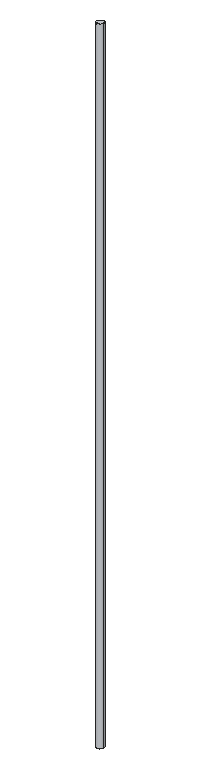
Revit family "0066753 Sylvania Lighting Fixture Skyline Street XL 17-30klm NW MR20 I 9022", category Lighting Fixtures, host Face, Revit 2016
Family settings
  Host = Face
  Part Type = Normal
  Round Connector Dimension = Use Diameter
  OmniClass Number = 23.80.70.00
  OmniClass Title = Lighting
  Cut with Voids When Loaded = No
  Light Source = Yes
  Shared = No
  Room Calculation Point = No
Parameters (values of type "0066753 SKS XL 17-30KLM NW MR20 I 9022 ")
  base height = 40 mm
  backplate diameter = 256 mm
  Weight = "n/a"
  Wattage Comments = ""
  Wattage = 9.2903 W
  WarrantyStartDate [instance] = "n/a"
  WarrantyGuarantorParts = "n/a"
  WarrantyDurationUnit = "n/a"
  WarrantyDurationParts = ""
  WarrantyDescription = "http://www.sylvania-lighting.com"
  built-in parameter 1150110 = 1 (stored number, unit not read)
  Voltage = 0 V
  URL = "0.98"
  TypeName = "Skyline Street XL 17-30klm NW MR20 I 9022"
  Type Image = <None>
  Type Comments = "n/a"
  Tube Diameter = 80 mm
  built-in parameter 1114217 = 1 (stored number, unit not read)
  Tilt Angle = 90.00°
  built-in parameter 1150109 = 1 (stored number, unit not read)
  built-in parameter 1150134 = 3
  built-in parameter 1150113 = 1 (stored number, unit not read)
  SerialNumber [instance] = "n/a"
  Photometric Web File = "0066753.ies"
  Material_3_FEILO = none
  PowerFactor = 0
  PowerConsumption = "Lighting"
  NominalLength = 415 mm
  NominalHeight = 0 mm
  NominalDepth = 0 mm
  Name = "Skyline Street XL 17-30klm NW MR20 I 9022"
  ModelReference = Name  # "Skyline Street XL 17-30klm NW MR20 I 9022"
  ModelNumber = "0066753"
  Model = Name  # "Skyline Street XL 17-30klm NW MR20 I 9022"
  Material = "Feilo Sylvania"
  ManufacturerName = "123 lm/W"
  Manufacturer = ""
  LuminousEfficacy = ""
  built-in parameter 1150105 = 109.82 (stored number, unit not read)
  Lumens = 1380 lm
  LuminaireType = "0"
  built-in parameter 1150115 = 1 (stored number, unit not read)
  LightOutputRatio = "LED"
  built-in parameter 1150137 = (empty or 0)
  built-in parameter 1150139 = (empty or 0)
  LampsType = Lamp  # "n/a"
  LampNominalLuminous = "4000 K"
  LampMacAdamStep = "70"
  LampColourTemperature = "LED"
  LampColourRenderingIndex = "16500"
  built-in parameter 1150112 = 1 (stored number, unit not read)
  built-in parameter 1150114 = 1 (stored number, unit not read)
  Lamp = "n/a"
  Keynote = "n/a"
  InstallationDate [instance] = "n/a"
  InputVoltage = "0"
  InputNominalFrequency = "4000"
  built-in parameter 1150132 = (empty or 0)
  built-in parameter 1150102 = (empty or 0)
  built-in parameter 1150107 = 3200 (stored number, unit not read)
  built-in parameter 1150138 = (empty or 0)
  IngressProtection = "IfcLightFixtureType"
  ImpactProtectionIndex = "IfcLightFixtureType"
  built-in parameter 1150106 = 1.0982 (stored number, unit not read)
  IfcExportType = "IfcLightFixtureType"
  IfcExportAs = "Class I"
  Height = 250 mm
  ExpectedLife = 50000
  Emit from Circle Diameter = 609.6 mm
  Emit Shape Visible in Rendering = no
  ElectricShockClassification = "123"
  built-in parameter 1150104 = 13.8 (stored number, unit not read)
  DurationUnit = "hours"
  DocumentationLiterature = "http://www.sylvania-lighting.com/product/en-int/products/0066753"
  DimmingControlOptions = "n/a"
  Material_2_FEILO = none
  Dimming Lamp Color Temperature Shift = <None>
  Diameter = 350 mm
  Description = "The Skyline Street family is dedicated for road lighting applications. Light distribution: MR20 - Medium Road, color temperature: 4000K , total system power: 244W, total fixture output: 30009lm, luminaire efficacy: 123lm/W, LOR: 100%, colour rendering index: 70, LED Chromaticity: 5 step MacAdam ellipse tolerance, lifetime: 100000 hours at L90B50 @ 50°C, energy class: A++, A+, A, operating voltage: 220-240V / 50-60Hz, electronic driver, Without Controls, power factor: min. 0.9, electrical protection: Class I, Ingress protection rating: IP66, Impact resistance: IK08, dimensions: 915 x 415 x 140mm, weight: 15 kg, for 42-60mm side entry or post top installation with +/-15° adjustability, the housing is made of Die Cast Aluminium in RAL9022 color combined with tempered flat glass cover."
  Default Elevation = 1219.2 mm
  CreatedOn = "02/12/2019"
  CreatedBy = "@sylvania-lighting.com"
  Cost = 0
  Color Filter = 16777215
  built-in parameter 1114216 [instance] = (empty or 0)
  ClassificationValue = "EF_70_80"
  ClassificationName = "Uniclass2015"
  Material_1_FEILO = none
  BarCode [instance] = "n/a"
  built-in parameter 1114218 = 1 (stored number, unit not read)
  built-in parameter 1150133 = 10 (stored number, unit not read)
  AssetType = "Fixed"
  AssetIdentifier [instance] = "n/a"
  Assembly Code = "D5020200"
  Apparent Load = 244 VA
  Material_4_FEILO = none
Reference planes
  plane 1 "Center (Front/Back)": y = 0
  plane 2: z = 0
  plane 3 "Center (Left/Right)": x = 0
  plane 4: z = 0
  plane 5: y = 128
  plane 6: y = -128
  plane 7: y = 175
  plane 8: y = -175
  plane 9: z = 40
Forms (mm)
  Extrusion 1, solid, detail levels coarse
    sketch origin (43.618, 0, 5999.295) x (1, 0, 0) y (0, 0, 1)
      loop
        line (-755, 240.919) -> (-755, 0.868) -> (39.922, 0.868) -> (39.922, 240.919) -> (-755, 240.919)
    from -207.534 to 207.466
  Extrusion 2, solid
    sketch origin (4.2, 0, 0) x (1, 0, 0) y (0, 1, 0)
      loop
        circle (-4.2, 0) r 30
    from 0 to 6000
Dimensions and locks
  "backplate diameter": plane 5 to plane 6
  equal spacing: plane 5, plane 1 "Center (Front/Back)", plane 6
  "Diameter": plane 7 to plane 8
  equal spacing: plane 7, plane 1 "Center (Front/Back)", plane 8
  "base height": plane 9 to level
  aligned and locked: plane 2 to host face
  aligned and locked: level to host face
Automatic sketch dimensions
  host sketch curve to host sketch curve = 2438.4 mm  (x2)
  level to Extrusion 1 sketch curve = 6000.163 mm
  Extrusion 1 sketch curve to plane 3 "Center (Left/Right)" = 711.382 mm
  plane 3 "Center (Left/Right)" to Extrusion 1 sketch curve = 83.54 mm
  plane 9 to Extrusion 1 sketch curve = 6200.213 mm
  plane 1 "Center (Front/Back)" to Extrusion 2 sketch curve = 0 mm
  Extrusion 2 sketch curve to plane 3 "Center (Left/Right)" = 0 mm
  radius of Extrusion 2 sketch curve = 30 mm
Connectors
  electrical at (0, 0, 0), driven by "Apparent Load", driven by "PowerFactor", driven by "Voltage"
    settings: index 1, voltage 0 V, apparent load 244 VA, apparent load phase1 0 VA, apparent load phase2 0 VA, apparent load phase3 0 VA, power factor 0, load classification "Lighting", number of poles 1, system type 30, power factor state 1, is connector primary yes, connector utility no, sub classification motor no, connector description ""
